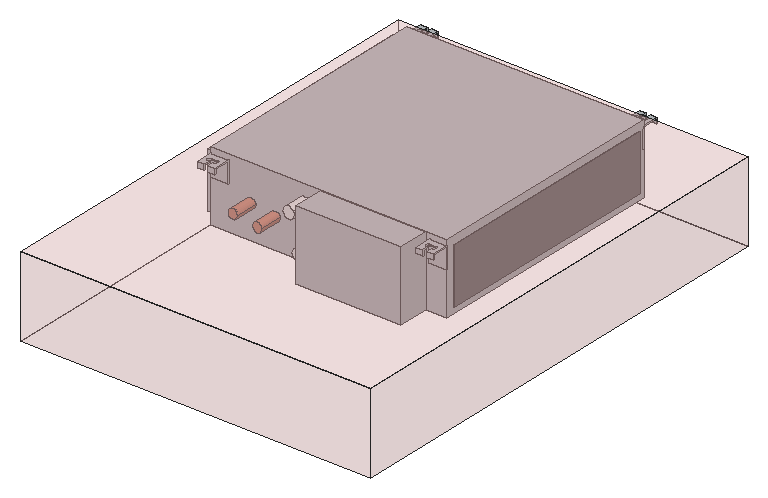
Revit family "PEFY-WP20VMS1-E_Service_Area2", category Mechanical Equipment, host Ceiling, Revit 2012
Parameters (values of type "PEFY-WP20VMS1-E_240V_60Hz")
  Description = "Ceiling concealed"
  Manufacturer = "Mitsubishi Electric Corporation"
  Model = "PEFY-WP20VMS1-E"
  Width = 790 mm
  Water Pipe_radius (To HBC Unit) = 13.2 mm
  Water Pipe_radius (From HBC Unit) = 13.2 mm
  WarrantyStart = ""
  Voltage = 240 V
  Unit Weight (kg) = 20
  URL = "http://www.mitsubishielectric.com/"
  TagNumber = 0
  Subcategory = "HVAC"
  Space View = yes
  Sound Pressure Level_Mid (dB(A)) = 25
  Sound Pressure Level_Low (dB(A)) = 23
  Sound Pressure Level_High (dB(A)) = 29
  SerialNumber = 0
  ReplacementYear = ""
  Protection Device = "Fuse"
  Phase = 1
  Maximum Circuit Ampacity (A) = 0.7
  InstallationDate = ""
  Hertz = 60 Hz
  Height = 200 mm
  Heating Power Input (kW) = 0.031
  Heating Current (A) = 0.38
  Heating Capacity (kW) = 2.5
  Fan_Type = "Sirocco fan"
  Fan_Quantity = 2
  Fan Motor Output (kW) = 0.096
  External_static_pressure (Pa) = "5-15-35-50"
  External Finish = "Galvanized steel plate"
  Equip_description = ""
  Equip_No. = 0
  Equip_ID = ""
  Drain pipe2_radius = 16 mm
  Drain pipe1_radius = 16 mm
  Description = ""
  Depth = 700 mm
  CreatedOn = ""
  CreatedBy = ""
  Cooling Power Input (kW) = 0.051
  Cooling Current (A) = 0.49
  Cooling Capacity (kW) = 2.2
  Category = ""
  Barcode = ""
  AssetIdentifier = ""
  Airflow Rate_Mid (m3/min) = 6.5
  Airflow Rate_Mid (m3/h) = 390
  Airflow Rate_Low (m3/min) = 5.5
  Airflow Rate_Low (m3/h) = 330
  Airflow Rate_High (m3/min) = 8
  Airflow Rate_High (m3/h) = 480
Types (6, lengths in mm): name | Voltage | Hertz
  PEFY-WP20VMS1-E_220V_50Hz | 220 V | 50 Hz
  PEFY-WP20VMS1-E_220V_60Hz | 220 V | 60 Hz
  PEFY-WP20VMS1-E_230V_50Hz | 230 V | 50 Hz
  PEFY-WP20VMS1-E_230V_60Hz | 230 V | 60 Hz
  PEFY-WP20VMS1-E_240V_50Hz | 240 V | 50 Hz
  PEFY-WP20VMS1-E_240V_60Hz | 240 V | 60 Hz
Reference planes
  plane 1 "Center (Front/Back)": y = 0
  plane 2: z = 0
  plane 3 "Center (Left/Right)": x = 0
  plane 4 "Ceiling": z = 4030
  plane 5: z = 4050
  plane 6: y = 990
  plane 7: y = -990
  plane 8: z = 4250
  plane 9: y = -875
  plane 10: y = -350
  plane 11: y = 350
  plane 12: y = 350
  plane 13: z = 4235
  plane 14: x = 325
  plane 15: x = 350
  plane 16: x = -300
  plane 17: x = -350
  plane 18: z = 4230
  plane 19: x = -55
  plane 20: z = 4202
  plane 21: z = 4080
  plane 22: x = -211
  plane 23: x = -141
  plane 24: z = 4148
  plane 25: z = 4138
  plane 26: y = -440
Forms (mm)
  Extrusion 1, solid, material "Plated steel"
    sketch origin (88.259, -337.375, 3750) x (1, 0, 0) y (0, 1, 0)
      loop
        line (-415.259, 687.375) -> (-415.259, -12.625) -> (261.741, -12.625) -> (261.741, 687.375) -> (-415.259, 687.375)
    from 300 to 500
  Extrusion 2, solid, material "Service space", visible <- "Space View"
    sketch origin (-2000, 6000, 4050) x (0, 1, 0) y (1, 0, 0)
      loop
        line (-7000, 1650) -> (-5650, 1650) -> (-5650, 2650) -> (-7000, 2650) -> (-7000, 1650)
    from 20 to -210
  Extrusion 3, solid
    sketch origin (0, 0, 0) x (0, 1, 0) y (0, 0, 1)
      loop
        line (-330, 4230) -> (-330, 4071) -> (330, 4071) -> (330, 4230) -> (-330, 4230)
    from 350 to 355
  Extrusion 4, solid
    sketch origin (-350, 0, 4250) x (0, 0, 1) y (0, -1, 0)
      loop
        line (-20, 330) -> (-179, 330) -> (-179, -330) -> (-20, -330) -> (-20, 330)
    from 0 to 23
  Extrusion 5, solid
    sketch origin (794.259, -350, 3750) x (-1, 0, 0) y (0, 0, -1)
      loop
        circle (851.259, -452) r 16
    from 0 to 57
  Extrusion 6, solid
    sketch origin (794.259, -350, 3750) x (-1, 0, 0) y (0, 0, -1)
      loop
        circle (851.259, -330) r 16
    from 0 to 25
  Extrusion 7, solid
    sketch origin (794.259, -350, 3750) x (-1, 0, 0) y (0, 0, -1)
      loop
        line (505.751, -500) -> (805.751, -500) -> (805.751, -300) -> (505.751, -300) -> (505.751, -500)
    from 0 to 90
  Extrusion 8, solid
    sketch origin (794.259, -350, 3750) x (-1, 0, 0) y (0, 0, -1)
      loop
        circle (1005.259, -398) r 13.2
      loop
        circle (935.259, -388) r 13.2
    from 0 to 64
Lines and regions (mm)
  model lines, visible <- "Space View"
    curve 1: line (-400, 400, 4030) -> (377, 400, 4030)
    curve 2: line (-400, -400, 4030) -> (-400, 400, 4030)
    curve 3: line (377, -400, 4030) -> (-400, -400, 4030)
    curve 4: line (377, 400, 4030) -> (377, -400, 4030)
    curve 5: line (125, -550, 4030) -> (575, -550, 4030)
    curve 6: line (125, -1000, 4030) -> (125, -550, 4030)
    curve 7: line (575, -1000, 4030) -> (125, -1000, 4030)
    curve 8: line (575, -550, 4030) -> (575, -1000, 4030)
Dimensions and locks
  equal spacing: host sketch curve, plane 3 "Center (Left/Right)", host sketch curve
  equal spacing: host sketch curve, plane 1 "Center (Front/Back)", host sketch curve
  host sketch curve to host sketch curve = 4000 mm  (x2)
  locked: plane 4 "Ceiling" to host ceiling at 0
  Extrusion 1 to Extrusion 1 = 700 mm
  Extrusion 1 to plane 1 "Center (Front/Back)" = 350 mm
  plane 5 to Extrusion 1 = 200 mm
  plane 8 to plane 5 = 200 mm
  Extrusion 1 to plane 9 = 525 mm
  plane 4 "Ceiling" to plane 5 = 20 mm
  Extrusion 1 to Extrusion 1 = 677 mm
  plane 10 to plane 12 = 700 mm
  locked: plane 13 to plane 8 at 15
  locked: plane 18 to plane 8 at 20
  locked: Extrusion 3 to plane 18 at 159
  locked: Extrusion 4 to plane 18 at 159
  plane 8 to plane 20 to plane 21 = 48 mm locked, 122 mm locked
  locked: Extrusion 7 to Extrusion 7 at 200
  plane 8 to plane 24 to plane 25 = 102 mm locked, 10 mm locked
  plane 17 to curve 4 = 727 mm
  aligned and locked: plane 5 to Extrusion 1
  aligned and locked: Extrusion 1 to plane 8
  aligned and locked: plane 10 to Extrusion 1
  aligned and locked: plane 12 to Extrusion 1
  aligned and locked: nested 1 to Extrusion 1
  aligned and locked: nested 1 to plane 16
  aligned and locked: nested 1 to plane 13
  aligned and locked: nested 2 to plane 13
  aligned and locked: plane 13 to nested 4
  aligned and locked: plane 13 to nested 3
  aligned and locked: nested 4 to plane 12
  aligned and locked: nested 3 to plane 12
  aligned and locked: Extrusion 3 to plane 18
  aligned and locked: Extrusion 4 to plane 18
  aligned and locked: plane 10 to nested 2
  aligned and locked: plane 20 to Extrusion 5
  aligned and locked: plane 21 to Extrusion 6
  aligned and locked: Extrusion 7 to plane 8
  aligned and locked: plane 24 to Extrusion 8
  aligned and locked: plane 25 to Extrusion 8
Nested families
  nested 1: "LEG" at (-300, -376, 4235), type "LEG_28"
  nested 2: "LEG" at (325, -376, 4235), type "LEG_28"
  nested 3: "LEG" at (-300, 376, 4235), type "LEG_28"
  nested 4: "LEG" at (325, 376, 4235), type "LEG_28"
Connectors
  piping at (-57, -407, 4202), driven by "Drain pipe1_radius"
    settings: on Extrusion 5, index 1, connector radius 16 mm, flow factor 0, pipe flow 0.0 L/s, pressure drop 0.0 Pa, fitting loss kfactor 0, connector angle 0.00°, fixture units 0, engagement length 0 mm, flow configuration 0, flow direction 2, fitting loss method 0, system type 22, joint type 0, gender type 0, connector reference index -1, connector utility 0, adjustable connector no, is connector primary yes, fitting loss table "", connector description "Drain hose"
  piping at (-57, -375, 4080), driven by "Drain pipe2_radius"
    settings: on Extrusion 6, index 2, connector radius 16 mm, flow factor 0, pipe flow 0.0 L/s, pressure drop 0.0 Pa, fitting loss kfactor 0, connector angle 0.00°, fixture units 0, engagement length 0 mm, flow configuration 0, flow direction 2, fitting loss method 0, system type 22, joint type 0, gender type 0, connector reference index -1, connector utility 0, adjustable connector no, is connector primary no, fitting loss table "", connector description "Drain hose"
  piping at (-141, -414, 4138)
    settings: on Extrusion 8, index 3, connector radius 13.2 mm, flow factor 0, pipe flow 0.0 L/s, pressure drop 0.0 Pa, fitting loss kfactor 0, connector angle 0.00°, fixture units 0, engagement length 0 mm, flow configuration 0, flow direction 1, fitting loss method 0, system type 22, joint type 0, gender type 0, connector reference index -1, connector utility 0, adjustable connector no, is connector primary no, fitting loss table "", connector description "Water pipe(From HBC unit)"
  piping at (-211, -414, 4148)
    settings: on Extrusion 8, index 4, connector radius 13.2 mm, flow factor 0, pipe flow 0.0 L/s, pressure drop 0.0 Pa, fitting loss kfactor 0, connector angle 0.00°, fixture units 0, engagement length 0 mm, flow configuration 0, flow direction 2, fitting loss method 0, system type 22, joint type 0, gender type 0, connector reference index -1, connector utility 0, adjustable connector no, is connector primary no, fitting loss table "", connector description "Water pipe(To HBC unit)"
  hvac at (355, 0, 4150.5)
    settings: on Extrusion 3, index 5, duct flow 0.0 L/s, flow factor 0, pres drop 0.0 Pa, loss coef 0, conn angle 0.00°, conn width 660 mm, conn height 160 mm, conn radius 304.8 mm, duct sys type 1, conn prof type 1, flow config 0, flow direction 1, loss method 0, conn ref index -1, conn util no, is conn primary yes, conn desc "Air inlet"
  hvac at (-350, 0, 4150.5)
    settings: on Extrusion 4, index 6, duct flow 0.0 L/s, flow factor 0, pres drop 0.0 Pa, loss coef 0, conn angle 0.00°, conn width 660 mm, conn height 150 mm, conn radius 304.8 mm, duct sys type 3, conn prof type 1, flow config 0, flow direction 2, loss method 0, conn ref index -1, conn util no, is conn primary no, conn desc "Air outlet"
  electrical at (288.508, -395, 4150), driven by "Phase", driven by "Voltage"
    settings: on Extrusion 7, index 7, voltage 240 V, apparent load 0 VA, apparent load phase1 0 VA, apparent load phase2 0 VA, apparent load phase3 0 VA, power factor 1, load classification "Other", number of poles 1, system type 30, power factor state 1, is connector primary yes, connector utility no, sub classification motor no, connector description ""
Definition of nested family "LEG"
  Parameters (values of type "LEG_28")
    product distance = 28 mm
  Reference planes
    plane 1 "中心(正面/背面)": y = 0
    plane 2: z = 0
    plane 3 "中心(左/右)": x = 0
    plane 4: x = -25
    plane 5: x = 25
    plane 6: y = -23
    plane 7: y = 28
    plane 8: x = -8
    plane 9: x = 8
    plane 10: x = -6
    plane 11: x = 6
  Forms (mm)
    Extrusion 1, solid, material "Plated steel"
      sketch origin (0, 0, 0) x (1, 0, 0) y (0, 1, 0)
        loop
          line (-25, 26) -> (-25, -23) -> (25, -23) -> (25, 26) -> (-25, 26)
      from 0 to -60
    Extrusion 2, void
      sketch origin (0, 0, 0) x (0, 1, 0) y (0, 0, 1)
        loop
          line (-20.7, -2.3) -> (-20.7, -15) -> (-23, -15) -> (-23, -60) -> (24, -60) -> (24, -2.3) -> (-20.7, -2.3)
      from -25 to 25
    Extrusion 3, void
      sketch origin (0, 0, 0) x (1, 0, 0) y (0, 1, 0)
        loop
          arc (-8, 7) -> (-15, 0) -> (-8, -7) r 7
          line (-8, -7) -> (-6, -7) -> (-6, -23) -> (6, -23) -> (6, -7) -> (8, -7)
          arc (8, -7) -> (15, 0) -> (8, 7) r 7
          line (8, 7) -> (-8, 7)
      from 0 to -60
  Cuts and joins
    Extrusion 2, Extrusion 3 cuts Extrusion 1
  Dimensions and locks
    locked: Extrusion 1 sketch curve to Extrusion 1 sketch curve at 50
    equal spacing: Extrusion 1 sketch curve, plane 3 "中心(左/右)", Extrusion 1 sketch curve
    locked: plane 6 to plane 1 "中心(正面/背面)" at 23
    "product distance": plane 1 "中心(正面/背面)" to plane 7
    plane 7 to Extrusion 2 sketch curve = 4 mm
    locked: cut or joined group of Extrusion 1, Extrusion 2, Extrusion 3 to cut or joined group of Extrusion 1, Extrusion 2, Extrusion 3 at 2.3  (x2)
    aligned and locked: level to plane 2
    aligned and locked: Extrusion 2 to Extrusion 1
    aligned and locked: Extrusion 1 to Extrusion 2
    aligned and locked: Extrusion 2 sketch curve to cut or joined group of Extrusion 1, Extrusion 2, Extrusion 3  (x2)
    aligned and locked: cut or joined group of Extrusion 1, Extrusion 2, Extrusion 3 to Extrusion 3 sketch curve
    aligned and locked: plane 6 to Extrusion 1 sketch curve
  Automatic sketch dimensions
    Extrusion 2 sketch curve to plane 6 = 2.3 mm
    Extrusion 2 sketch curve to level = 15 mm
    Extrusion 2 sketch curve to level = 2.3 mm
    plane 1 "中心(正面/背面)" to Extrusion 3 sketch curve = 0 mm  (x2)
    Extrusion 3 sketch curve to plane 8 = 0 mm
    Extrusion 3 sketch curve to plane 10 = 0 mm
    Extrusion 3 sketch curve to plane 11 = 0 mm
    Extrusion 3 sketch curve to plane 9 = 0 mm  (x2)
    plane 1 "中心(正面/背面)" to Extrusion 3 sketch curve = 7 mm
    plane 7 to Extrusion 1 sketch curve = 2 mm
